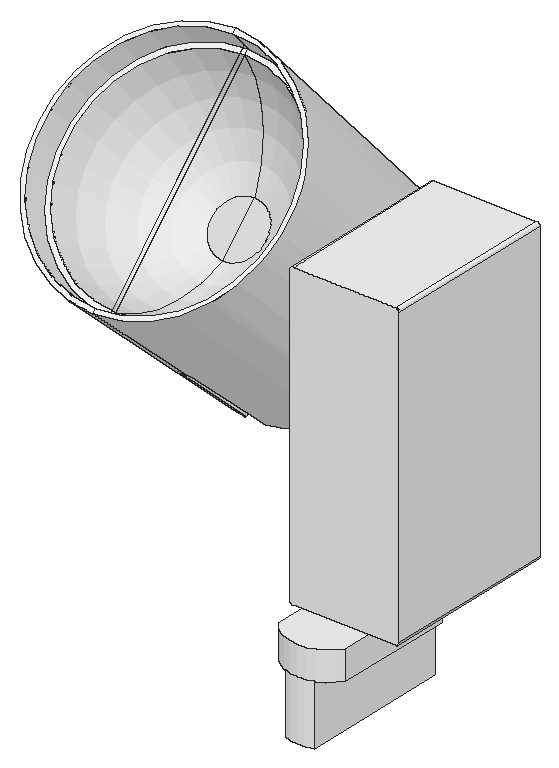
Revit family "0004877 Feilo Sylvania Lighting Fixture START TRACK SPOT L 35W 4K RA90 NB WHITE", category Lighting Fixtures, host Face, Revit 2017 (continued)
Definition of nested family "Start Track Spot Head"
  Types (96, lengths in mm): name | Wattage | built-in parameter 1150134 | Photometric Web File | Model | built-in parameter 1150105 | Lumens | built-in parameter 1150107 | built-in parameter 1150106 | HeadThickness_FEILO | HeadRibOffset_FEILO | HeadRibDepth_FEILO | HeadRibCutWidth_FEILO | HeadRibCutOffset_FEILO | HeadReflectorRadius_FEILO | HeadReflectorOffset_FEILO | HeadLEDRadius_FEILO | HeadHeight_FEILO | HeadDiffusorOffset_FEILO | HeadDiaOut_FEILO | HeadDiaIn_FEILO | HeadAxisFromTop_FEILO | Emit from Circle Diameter | built-in parameter 1150104 | Description | Apparent Load
    0004812 START TRACK SPOT S 14W 3K RA80 MB WHITE | 14 W | (empty or 0) | "0004812.ies" | "START TRACK SPOT S 14W 3K RA80 MB WHITE" | 120.32 (stored number, unit not read) | 1512 lm | 3000 (stored number, unit not read) | 1.2032 (stored number, unit not read) | 1.5 | 4.179 | 55.714 | 7.167 | 50.87 | 50.588 | 55.714 | 9.556 | 117 | 9.435 | 86 | 77.477 | 69.354 | 77.477 | 10.034 (stored number, unit not read) | "Integrated LED spotlight, Textured White - RAL9016, compact and minimalist design, ideal for retail applications, die-cast aluminium body, passive cooling heatsink. Beam angle: 36°, color temperature: 3000K , total system power: 14W, total fixture output: 1508 lm, LOR: 100%, colour rendering: Ra: 80 typical, LED Chromaticity: 3 step MacAdam ellipse, lifetime: >50000 hours at L70B50, energy class: A++, A+, A, IR/UV free light source without heat radiation, operating voltage: 220-240V / 50-60Hz, drive current: 350mA, electronic driver, non-dimmable, power factor: 0.92, electrical protection: Class II, Global Track 3 Phase adapter suitable for Global trac 3-circuit tracks, ingress protection rating: IP20, suitable for internal environment only, horizontal rotation: 355°, vertical tilt: 90°, dimensions: Ø86x140x200, weight: 0.940kg." | 14 VA
    0004811 START TRACK SPOT S 14W 3K RA80 NB WHITE | 14 W | (empty or 0) | "0004811.ies" | "START TRACK SPOT S 14W 3K RA80 NB WHITE" | 123.66 (stored number, unit not read) | 1554 lm | 3000 (stored number, unit not read) | 1.2366 (stored number, unit not read) | 1.5 | 4.179 | 55.714 | 7.167 | 50.87 | 50.588 | 55.714 | 9.556 | 117 | 9.435 | 86 | 77.477 | 69.354 | 77.477 | 10.312 (stored number, unit not read) | "Integrated LED spotlight, Textured White - RAL9016, compact and minimalist design, ideal for retail applications, die-cast aluminium body, passive cooling heatsink. Beam angle: 12°, color temperature: 3000K , total system power: 14W, total fixture output: 1551 lm, LOR: 100%, colour rendering: Ra: 80 typical, LED Chromaticity: 3 step MacAdam ellipse, lifetime: >50000 hours at L70B50, energy class: A++, A+, A, IR/UV free light source without heat radiation, operating voltage: 220-240V / 50-60Hz, drive current: 350mA, electronic driver, non-dimmable, power factor: 0.92, electrical protection: Class II, Global Track 3 Phase adapter suitable for Global trac 3-circuit tracks, ingress protection rating: IP20, suitable for internal environment only, horizontal rotation: 355°, vertical tilt: 90°, dimensions: Ø86x140x200, weight: 0.940kg." | 14 VA
  Reference planes
    plane 1 "Center (Front/Back)": y = 0
    plane 2: z = 0
    plane 3 "Center (Left/Right)": x = 0
    plane 4: x = 43
    plane 5: x = -43
    plane 6: x = -38.739
    plane 7: x = 38.739
    plane 8: z = 69.354
    plane 9: z = -47.646
    plane 10: x = -41.5
    plane 11: x = -37.239
    plane 12: z = -38.211
    plane 13: z = -35.211
    plane 14: z = 8.068
    plane 15: x = -9.556
    plane 16: x = -28.667
    plane 17: x = -19.111
    plane 18: x = -27.167
    plane 19: x = -17.611
    plane 20: x = -8.056
    plane 21: z = 13.64
    plane 22: x = -29.667
    plane 23: x = -26.167
    plane 24: x = -20.111
    plane 25: x = -16.611
    plane 26: x = -10.556
    plane 27: x = -7.056
    plane 28: x = -36.239
    plane 29: x = -40.5
    plane 30: z = 65.175
    plane 31: z = 60.997
    plane 32: z = 56.818
    plane 33: z = 18.484
    plane 34: y = -43
    plane 35: y = 43
    plane 36: y = 3.583
    plane 37: y = -3.583
    plane 38: y = -2.583
    plane 39: y = 2.583
    plane 40: y = 46
    plane 41: z = 13.5
    plane 42: z = -13.5
    plane 43: y = 39
    plane 44: x = 4.708
    plane 45: x = -2.458
    plane 46: x = -1.458
    plane 47: x = 1.458
  Forms (mm)
    Extrusion 1, solid
      sketch origin (4.2, 0, 0) x (1, 0, 0) y (0, 1, 0)
        loop
          line (-1219.2, 1219.2) -> (-1219.2, -1219.2) -> (1219.2, -1219.2) -> (1219.2, 1219.2) -> (-1219.2, 1219.2)
      from 0 to -68.017
    Revolve 2, solid, material <- "Material_1_FEILO", detail levels medium+fine
      sketch origin (0, 0, 0) x (1, 0, 0) y (0, 0, 1)
        loop
          line (-43, -47.646) -> (-41.5, -47.646) -> (-40.5, -35.211) -> (-38.739, -35.211)
          arc (-38.739, -35.211) -> (-30.16, -9.517) -> (-9.556, 8.068) r 50.588
          line (-9.556, 8.068) -> (0, 8.068) -> (0, 13.64) -> (-16.611, 13.64) -> (-17.611, 60.997) -> (-19.111, 60.997) -> (-20.111, 13.64) -> (-36.239, 13.64) -> (-37.239, 69.354) -> (-38.739, 69.354) -> (-43, -47.646)
        axis (0, 69.354) -> (0, -47.646)
      angle from 360 to 0
    Extrusion 3, void
      sketch origin (0, 0, 0) x (0, 1, 0) y (0, 0, 1)
        loop
          line (-3.583, 69.354) -> (-2.583, 18.484) -> (1.932, 18.484) -> (2.932, 69.354) -> (-3.583, 69.354)
      from 43 to -43
    Revolve 4, solid, material <- "Material_2_FEILO", detail levels medium+fine
      sketch origin (0, 0, 0) x (1, 0, 0) y (0, 0, 1)
        loop
          line (-41.5, -38.211) -> (0, -38.211) -> (0, -35.211) -> (-41.5, -35.211) -> (-41.5, -38.211)
        axis (0, -35.211) -> (0, -38.211)
      angle from 360 to 0
    Revolve 5, solid, material <- "Material_1_FEILO"
      sketch origin (0, 0, 0) x (0, 1, 0) y (0, 0, 1)
        loop
          line (46, 0) -> (39, 0) -> (39, -13.5) -> (46, -13.5) -> (46, 0)
        axis (39, 0) -> (46, 0)
      angle from 360 to 0
    Revolve 6, solid, material <- "Material_1_FEILO", detail levels medium+fine
      sketch origin (0, 0, 0) x (1, 0, 0) y (0, 0, 1)
        loop
          line (-29.667, 13.64) -> (-26.167, 13.64) -> (-27.167, 65.175) -> (-28.667, 65.175) -> (-29.667, 13.64)
        loop
          line (-10.556, 13.64) -> (-7.056, 13.64) -> (-7.833, 56.818) -> (-9.778, 56.818) -> (-10.556, 13.64)
        axis (0, 65.175) -> (0, 13.64)
      angle from 360 to 0
    Extrusion 7, void
      sketch origin (0, 0, 0) x (1, 0, 0) y (0, 0, 1)
        loop
          line (4.708, 69.354) -> (-2.458, 69.354) -> (-1.458, 13.64) -> (1.458, 13.64) -> (4.708, 69.354)
      from -43 to 43
    Revolve 8, solid, material <- "Material_1_FEILO", detail levels coarse
      sketch origin (0, 0, 0) x (1, 0, 0) y (0, 0, 1)
        loop
          line (0, 69.354) -> (-38.739, 69.354) -> (-43, -47.646) -> (-41.5, -47.646) -> (-40.731, -38.211) -> (0, -38.211) -> (0, 69.354)
        axis (0, 69.354) -> (0, -47.646)
      angle from 360 to 0
  Cuts and joins
    Extrusion 3 cuts Revolve 2
    Extrusion 7 cuts Revolve 6
  Dimensions and locks
    equal spacing: plane 7, plane 3 "Center (Left/Right)", plane 6
    equal spacing: plane 4, plane 3 "Center (Left/Right)", plane 5
    "HeadDiaOut_FEILO": plane 4 to plane 5
    "HeadDiaIn_FEILO": plane 7 to plane 6
    "HeadHeight_FEILO": plane 8 to plane 9
    "HeadThickness_FEILO": plane 10 to plane 5
    "HeadThickness_FEILO": plane 11 to plane 6
    "HeadDiffusorOffset_FEILO": plane 12 to plane 9
    "HeadDiffusorThickness_FEILO": plane 13 to plane 12
    "HeadReflectorOffset_FEILO": plane 14 to plane 9
    "HeadLEDRadius_FEILO": plane 3 "Center (Left/Right)" to plane 15
    "HeadLEDRadius_FEILO": plane 15 to plane 17
    "HeadLEDRadius_FEILO": plane 17 to plane 16
    "HeadThickness_FEILO": plane 18 to plane 16
    "HeadThickness_FEILO": plane 19 to plane 17
    "HeadThickness_FEILO": plane 20 to plane 15
    "HeadRibDepth_FEILO": plane 8 to plane 21
    "HeadDraft_FEILO": plane 16 to plane 22
    "HeadDraft_FEILO": plane 23 to plane 18
    "HeadDraft_FEILO": plane 17 to plane 24
    "HeadDraft_FEILO": plane 25 to plane 19
    "HeadDraft_FEILO": plane 15 to plane 26
    "HeadDraft_FEILO": plane 27 to plane 20
    "HeadDraft_FEILO": plane 29 to plane 10
    "HeadDraft_FEILO": plane 28 to plane 11
    "HeadRibOffset_FEILO": plane 8 to plane 30
    "HeadRibOffset_FEILO": plane 30 to plane 31
    "HeadRibOffset_FEILO": plane 31 to plane 32
    "HeadAxisFromTop_FEILO": plane 8 to plane 2
    "HeadRibCutOffset_FEILO": plane 8 to plane 33
    equal spacing: plane 34, plane 1 "Center (Front/Back)", plane 35
    "HeadDiaOut_FEILO": plane 34 to plane 35
    equal spacing: plane 38, plane 1 "Center (Front/Back)", plane 39
    equal spacing: plane 37, plane 1 "Center (Front/Back)", plane 36
    "HeadRibCutWidth_FEILO": plane 37 to plane 36
    "HeadDraft_FEILO": plane 37 to plane 38
    locked: plane 35 to plane 40 at 3
    equal spacing: plane 41, plane 2, plane 42
    locked: plane 42 to plane 41 at 27
    locked: plane 43 to plane 35 at 4
    equal spacing: plane 45, imposter light, plane 44
    "HeadDraft_FEILO": plane 46 to plane 45
    "HeadRibCutWidth_FEILO": plane 44 to plane 45
    equal spacing: plane 47, plane 3 "Center (Left/Right)", plane 46
    "HeadReflectorRadius_FEILO": radius of Revolve 2 sketch curve
    aligned and locked: plane 2 to Extrusion 1
    aligned and locked: level to Extrusion 1
    aligned and locked: Revolve 2 sketch curve to plane 3 "Center (Left/Right)"  (x2)
    aligned and locked: plane 9 to Revolve 2 sketch curve  (x2)
    aligned and locked: plane 5 to Revolve 2 sketch curve
    aligned and locked: plane 10 to Revolve 2 sketch curve
    aligned and locked: plane 14 to Revolve 2 sketch curve
    aligned and locked: plane 8 to Revolve 2 sketch curve
    aligned and locked: Revolve 2 sketch curve to plane 13
    aligned and locked: plane 12 to Revolve 4 sketch curve
    aligned and locked: plane 3 "Center (Left/Right)" to Revolve 4 sketch curve
    aligned and locked: Revolve 4 sketch curve to plane 10
    aligned and locked: Revolve 4 sketch curve to plane 3 "Center (Left/Right)"
    aligned and locked: plane 12 to imposter light
    aligned and locked: imposter light to plane 1 "Center (Front/Back)"
    aligned and locked: Revolve 5 sketch curve to plane 2
    aligned and locked: plane 43 to Revolve 5 sketch curve
    aligned and locked: plane 42 to Revolve 5 sketch curve
    aligned and locked: Revolve 6 sketch curve to plane 3 "Center (Left/Right)"
    aligned and locked: plane 22 to Revolve 6 sketch curve
    aligned and locked: plane 30 to Revolve 6 sketch curve
    aligned and locked: plane 23 to Revolve 6 sketch curve
    aligned and locked: Revolve 6 sketch curve to plane 21  (x2)
    aligned and locked: plane 21 to Revolve 6 sketch curve
    aligned and locked: plane 17 to Revolve 2 sketch curve
    aligned and locked: plane 19 to Revolve 2 sketch curve
    aligned and locked: plane 31 to Revolve 2 sketch curve
    aligned and locked: plane 21 to Revolve 2 sketch curve
    aligned and locked: Extrusion 3 to plane 8
    aligned and locked: plane 33 to Extrusion 3
    aligned and locked: plane 8 to Extrusion 3 sketch curve
    aligned and locked: Extrusion 3 sketch curve to plane 33
    aligned and locked: Extrusion 3 to plane 5
    aligned and locked: plane 4 to Extrusion 3
    aligned and locked: plane 32 to Revolve 6 sketch curve
    aligned and locked: plane 44 to Extrusion 7 sketch curve
    aligned and locked: Extrusion 7 sketch curve to plane 8
    aligned and locked: plane 46 to Extrusion 7 sketch curve
    aligned and locked: plane 21 to Extrusion 7 sketch curve
    aligned and locked: plane 34 to Extrusion 7
    aligned and locked: Extrusion 7 to plane 35
    aligned and locked: Revolve 4 sketch curve to plane 13
    aligned and locked: Revolve 5 sketch curve to plane 40
    aligned and locked: Revolve 8 sketch curve to plane 3 "Center (Left/Right)"
    aligned and locked: Revolve 8 sketch curve to cut or joined group of Revolve 2, Extrusion 3  (x3)
    aligned and locked: plane 5 to Revolve 8 sketch curve
    aligned and locked: plane 3 "Center (Left/Right)" to Revolve 8 sketch curve
    aligned and locked: plane 12 to Revolve 8 sketch curve
  Automatic sketch dimensions
    Extrusion 1 sketch curve to Extrusion 1 sketch curve = 2438.4 mm  (x2)
    Extrusion 3 sketch curve to plane 37 = 0 mm
    Extrusion 3 sketch curve to plane 38 = 0 mm
    plane 39 to Extrusion 3 sketch curve = 0.651 mm
    Extrusion 3 sketch curve to plane 39 = 0.349 mm
    Revolve 6 sketch curve to plane 16 = 0 mm
    Revolve 6 sketch curve to plane 18 = 0 mm
    Revolve 6 sketch curve to plane 26 = 0 mm
    Revolve 6 sketch curve to plane 27 = 0 mm
    Revolve 6 sketch curve to plane 15 = 0.222 mm
    plane 9 to Revolve 6 sketch curve = 559.103 mm
    Revolve 6 sketch curve to plane 8 = 2535.555 mm
    plane 20 to Revolve 6 sketch curve = 0.222 mm
    Revolve 2 sketch curve to plane 29 = 0 mm
    Revolve 2 sketch curve to plane 6 = 0 mm  (x2)
    Revolve 2 sketch curve to plane 11 = 0 mm
    Revolve 2 sketch curve to plane 21 = 0 mm
    Revolve 2 sketch curve to plane 28 = 0 mm
    Revolve 2 sketch curve to plane 24 = 0 mm
    Revolve 2 sketch curve to plane 25 = 0 mm
    Revolve 2 sketch curve to plane 15 = 0 mm
    Revolve 2 sketch curve to Revolve 2 sketch curve = 557.155 mm
    Revolve 2 sketch curve to plane 8 = 2535.558 mm
    Extrusion 7 sketch curve to plane 45 = 0 mm
    Extrusion 7 sketch curve to plane 47 = 0 mm
    plane 9 to Revolve 4 sketch curve = 559.103 mm
    Revolve 4 sketch curve to plane 8 = 2535.555 mm
    Revolve 5 sketch curve to level = 0 mm
    plane 34 to Revolve 5 sketch curve = 1968.092 mm
    Revolve 5 sketch curve to plane 40 = 1405.763 mm
    Revolve 8 sketch curve to plane 6 = 0 mm
    Revolve 8 sketch curve to plane 29 = 0.231 mm
    plane 9 to Revolve 8 sketch curve = 559.103 mm
    Revolve 8 sketch curve to Revolve 8 sketch curve = 2535.555 mm
Definition of nested family "Start Track Spot Box"
  Parameters (values of type "Type Large White")
    URL = "http://www.feilosylvania.com"
    Type Image = (empty or 0)
    Type Comments = "n/a"
    Small_FEILO = no
    Material_3_FEILO = none
    Model = ""
    Manufacturer = "Feilo Sylvania"
    Keynote = ""
    Material_2_FEILO = none
    Description = ""
    Default Elevation = 1219.2 mm
    Cost = 0
    Material_1_FEILO = none
    BoxWidth_FEILO = 49 mm
    BoxStartAngle_FEILO [instance] = 0.00°
    BoxRadius_FEILO = 1.5 mm
    BoxHeight_FEILO = if(Small_FEILO, 112 mm, 136 mm)  # 136 mm
    BoxEndAngle_FEILO [instance] = BoxStartAngle_FEILO - 180.00°  # -180.00°
    BoxDepth_FEILO = if(Small_FEILO, 71.5 mm, 79 mm)  # 79 mm
    BoxAxisVerticalOffset_FEILO = 16 mm
    BoxAxisOffset_FEILO = BoxHeight_FEILO / 6.8  # 20 mm
    Assembly Code = ""
    Material_4_FEILO = none
  Types (4, lengths in mm): name | Small_FEILO | BoxHeight_FEILO | BoxDepth_FEILO | BoxAxisOffset_FEILO
    Type Large White | no | 136 | 79 | 20
    Type Small White | yes | 112 | 71.5 | 16.471
    Type Small Black | yes | 112 | 71.5 | 16.471
    Type Large Black | no | 136 | 79 | 20
  Reference planes
    plane 1 "Center (Front/Back)": y = 0
    plane 2: z = 0
    plane 3 "Center (Left/Right)": x = 0
    plane 4: x = 24.5
    plane 5: x = -24.5
    plane 6: y = 68
    plane 7: y = -68
    plane 8: z = 39.5
    plane 9: z = -39.5
    plane 10: y = -48
    plane 11: x = 30.5
    plane 12: x = 8.5
    plane 13: x = 21.5
    plane 14: y = 70
    plane 15: y = 72
    plane 16: x = 19.5
  Forms (mm)
    Extrusion 1, solid
      sketch origin (4.2, 0, 0) x (1, 0, 0) y (0, 1, 0)
        loop
          line (-1219.2, 1219.2) -> (-1219.2, -1219.2) -> (1219.2, -1219.2) -> (1219.2, 1219.2) -> (-1219.2, 1219.2)
      from 0 to -68.017
    Extrusion 2, solid, material <- "Material_1_FEILO"
      sketch origin (0, 0, 0) x (1, 0, 0) y (0, 1, 0)
        loop
          arc (-23, 68) -> (-24.061, 67.561) -> (-24.5, 66.5) r 1.5
          line (-24.5, 66.5) -> (-24.5, -66.5)
          arc (-24.5, -66.5) -> (-24.061, -67.561) -> (-23, -68) r 1.5
          line (-23, -68) -> (23, -68)
          arc (23, -68) -> (24.061, -67.561) -> (24.5, -66.5) r 1.5
          line (24.5, -66.5) -> (24.5, 66.5)
          arc (24.5, 66.5) -> (24.061, 67.561) -> (23, 68) r 1.5
          line (23, 68) -> (-23, 68)
      from -39.5 to 39.5
    Revolve 3, solid, not visible
      sketch origin (0, 0, 0) x (1, 0, 0) y (0, 1, 0)
        loop
          line (30.5, -48) -> (24.5, -48) -> (24.5, -68) -> (30.5, -68) -> (30.5, -48)
        axis (30.5, -48) -> (24.5, -48)
      angle from 0 <- "BoxStartAngle_FEILO" to -180 <- "BoxEndAngle_FEILO"
    Revolve 4, solid, material <- "Material_2_FEILO"
      sketch origin (0, 0, 0) x (1, 0, 0) y (0, 1, 0)
        loop
          line (8.5, 68) -> (19.5, 68) -> (19.5, 70) -> (21.5, 70) -> (21.5, 72) -> (8.5, 72) -> (8.5, 68)
        axis (8.5, 72) -> (8.5, 68)
      angle from 360 to 0
  Dimensions and locks
    equal spacing: plane 5, plane 3 "Center (Left/Right)", plane 4
    "BoxWidth_FEILO": plane 5 to plane 4
    equal spacing: plane 7, plane 1 "Center (Front/Back)", plane 6
    "BoxHeight_FEILO": plane 7 to plane 6
    equal spacing: plane 8, plane 2, plane 9
    "BoxDepth_FEILO": plane 8 to plane 9
    "BoxAxisOffset_FEILO": plane 7 to plane 10
    locked: plane 4 to plane 11 at 6
    "BoxAxisVerticalOffset_FEILO": plane 12 to plane 4
    locked: plane 12 to plane 13 at 13
    plane 6 to plane 14 to plane 15 = 2 mm locked, 2 mm locked
    locked: plane 12 to plane 16 at 11
    "BoxRadius_FEILO": radius of Extrusion 2 sketch curve  (x4)
    aligned and locked: plane 2 to Extrusion 1
    aligned and locked: level to Extrusion 1
    aligned and locked: plane 6 to Extrusion 2 sketch curve
    aligned and locked: plane 5 to Extrusion 2 sketch curve
    aligned and locked: Extrusion 2 sketch curve to plane 7
    aligned and locked: Extrusion 2 sketch curve to plane 4
    aligned and locked: Extrusion 2 to plane 8
    aligned and locked: plane 9 to Extrusion 2
    aligned and locked: Revolve 3 sketch curve to plane 10  (x2)
    aligned and locked: plane 11 to Revolve 3 sketch curve
    aligned and locked: Revolve 3 sketch curve to plane 4
    aligned and locked: plane 7 to Revolve 3 sketch curve
    aligned and locked: Revolve 4 sketch curve to plane 12
    aligned and locked: plane 6 to Revolve 4 sketch curve
    aligned and locked: plane 12 to Revolve 4 sketch curve
    aligned and locked: plane 15 to Revolve 4 sketch curve
    aligned and locked: Revolve 4 sketch curve to plane 13
    aligned and locked: Revolve 4 sketch curve to plane 14
    aligned and locked: Revolve 4 sketch curve to plane 16
    aligned and locked: Revolve 4 sketch curve to plane 6
  Automatic sketch dimensions
    Extrusion 1 sketch curve to Extrusion 1 sketch curve = 2438.4 mm  (x2)
    Revolve 3 sketch curve to plane 5 = 1499.5 mm
    plane 11 to Revolve 3 sketch curve = 1493.5 mm
    plane 15 to Revolve 4 sketch curve = 0 mm
    plane 7 to Revolve 4 sketch curve = 1456 mm
    Revolve 4 sketch curve to plane 15 = 1452 mm
